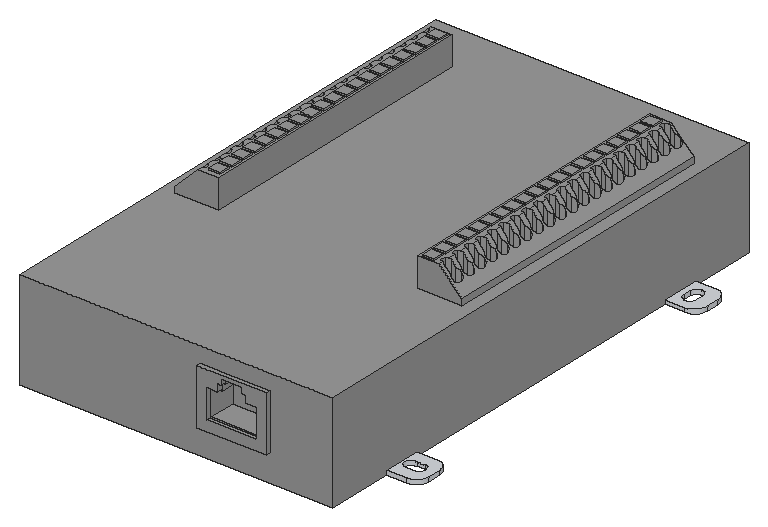
Revit family "IO Controler MS660404M", category Datengeräte, Revit 2023
Family settings
  Bemaßung runder Anschluss = Durchmesser verwenden
  Teiletyp = Normal
  OmniClass-Nummer = 23.85.50.17
  OmniClass-Titel = Communication and Data Processing Equipment
  Arbeitsebenenbasiert = Nein
  Immer vertikal = Ja
  Beim Laden mit Abzugskörper schneiden = Nein
  Beschriftungsausrichtung beibehalten = Nein
  Gemeinsam genutzt = Nein
  Raumberechnungspunkt = Nein
Parameters (values of type "I/O Controler MS660404M")
  Vorgabe-Ansicht = 0 mm
  Material 2 = Kunststoff
  Material = Metallverkleidung
  Anschluss 3 = "2x 24VDC Ausgang"
  Hersteller = "MICROSENS"
  Beschreibung = "Smart I/O Controller Digital / Analog"
  Anschluss 4 = "1x 24VDC Eingang"
  Artikelnummer = "MS660404M"
  Anschluss 5 = "1x 10/100TX RJ-45 PoE+ PD"
  Anschluss 2 = "4x I/O Output"
  Anschluss 1 = "10x I/O Input"
Reference planes
  plane 1 "Mitte (Vorne/Hinten)": y = 0
  plane 2: z = 0
  plane 3 "Mitte (Links/Rechts)": x = 0
Forms (mm)
  Extrusion 1, solid, material "Kunststoff" <- "Material 2"
    sketch origin (3.16, 4.554, 0) x (1, 0, 0) y (0, 1, 0)
      loop
        line (-41.16, 58.646) -> (-41.16, -67.754) -> (34.875, -67.754) -> (34.875, 58.646) -> (-41.16, 58.646)
    from 0 to 23.973
  Extrusion 2, solid
    sketch origin (0, -0.01, 0) x (1, 0, 0) y (0, 1, 0)
      loop
        line (-38.035, 46.952) -> (-43.035, 46.952)
        arc (-43.035, 46.952) -> (-45.157, 46.073) -> (-46.035, 43.952) r 3
        line (-46.035, 43.952) -> (-46.035, 40.752)
        arc (-46.035, 40.752) -> (-45.157, 38.631) -> (-43.035, 37.752) r 3
        line (-43.035, 37.752) -> (-38.035, 37.752) -> (-38.035, 46.952)
      loop
        arc (-42.435, 43.952) -> (-44.035, 42.352) -> (-42.435, 40.752) r 1.6
        line (-42.435, 40.752) -> (-40.435, 40.752)
        arc (-40.435, 40.752) -> (-38.835, 42.352) -> (-40.435, 43.952) r 1.6
        line (-40.435, 43.952) -> (-42.435, 43.952)
    from 0 to 1
  Extrusion 3, solid
    sketch origin (0, -0.01, 0) x (-1, 0, 0) y (0, -1, 0)
      loop
        line (-38.035, -46.952) -> (-38.035, -37.752) -> (-43.035, -37.752)
        arc (-43.035, -37.752) -> (-45.157, -38.631) -> (-46.035, -40.752) r 3
        line (-46.035, -40.752) -> (-46.035, -43.952)
        arc (-46.035, -43.952) -> (-45.157, -46.073) -> (-43.035, -46.952) r 3
        line (-43.035, -46.952) -> (-38.035, -46.952)
      loop
        arc (-42.965, -43.363) -> (-41.365, -44.963) -> (-39.765, -43.363) r 1.6
        line (-39.765, -43.363) -> (-39.765, -41.363)
        arc (-39.765, -41.363) -> (-41.365, -39.763) -> (-42.965, -41.363) r 1.6
        line (-42.965, -41.363) -> (-42.965, -43.363)
    from 0 to 1
  Extrusion 4, solid
    sketch origin (0, 0.01, 0) x (-1, 0, 0) y (0, -1, 0)
      loop
        line (-38.035, 46.952) -> (-43.035, 46.952)
        arc (-43.035, 46.952) -> (-45.157, 46.073) -> (-46.035, 43.952) r 3
        line (-46.035, 43.952) -> (-46.035, 40.752)
        arc (-46.035, 40.752) -> (-45.157, 38.631) -> (-43.035, 37.752) r 3
        line (-43.035, 37.752) -> (-38.035, 37.752) -> (-38.035, 46.952)
      loop
        arc (-42.435, 43.952) -> (-44.035, 42.352) -> (-42.435, 40.752) r 1.6
        line (-42.435, 40.752) -> (-40.435, 40.752)
        arc (-40.435, 40.752) -> (-38.835, 42.352) -> (-40.435, 43.952) r 1.6
        line (-40.435, 43.952) -> (-42.435, 43.952)
    from 0 to 1
  Extrusion 5, solid, material "Metallverkleidung" <- "Material"
    sketch origin (0, 0.01, 0) x (1, 0, 0) y (0, 1, 0)
      loop
        line (-38, -46.952) -> (-38, -37.752) -> (-43.035, -37.752)
        arc (-43.035, -37.752) -> (-45.157, -38.631) -> (-46.035, -40.752) r 3
        line (-46.035, -40.752) -> (-46.035, -43.952)
        arc (-46.035, -43.952) -> (-45.157, -46.073) -> (-43.035, -46.952) r 3
        line (-43.035, -46.952) -> (-38, -46.952)
      loop
        arc (-39.835, -41.408) -> (-41.435, -39.808) -> (-43.035, -41.408) r 1.6
        line (-43.035, -41.408) -> (-43.035, -43.408)
        arc (-43.035, -43.408) -> (-41.435, -45.008) -> (-39.835, -43.408) r 1.6
        line (-39.835, -43.408) -> (-39.835, -41.408)
    from 0 to 1
  Extrusion 6, solid, material "Kunststoff" <- "Material 2"
    sketch origin (-1.331, 0, -2.5) x (1, 0, 0) y (0, 0, 1)
      loop
        line (36.207, 26.473) -> (36.207, 27.874) -> (30.627, 33.454) -> (25.541, 33.454) -> (25.541, 26.473) -> (36.207, 26.473)
    from -50.477 to 20.023
  Extrusion 7, solid, material "Kunststoff" <- "Material 2"
    sketch origin (0, 0, 0) x (1, 0, 0) y (0, 1, 0)
      loop
        line (24.915, -19.523) -> (27.715, -19.523) -> (27.715, -16.823) -> (24.915, -16.823) -> (24.915, -19.523)
    from 30.954 to 31.282
  Extrusion 8, solid, material "Kunststoff" <- "Material 2"
    sketch origin (0, 3.5, 0) x (1, 0, 0) y (0, 1, 0)
      loop
        line (24.915, -19.523) -> (27.715, -19.523) -> (27.715, -16.823) -> (24.915, -16.823) -> (24.915, -19.523)
    from 30.954 to 31.282
  Extrusion 9, solid, material "Kunststoff" <- "Material 2"
    sketch origin (0, 7, 0) x (1, 0, 0) y (0, 1, 0)
      loop
        line (24.915, -19.523) -> (27.715, -19.523) -> (27.715, -16.823) -> (24.915, -16.823) -> (24.915, -19.523)
    from 30.954 to 31.282
  Extrusion 10, solid, material "Kunststoff" <- "Material 2"
    sketch origin (0, 10.5, 0) x (1, 0, 0) y (0, 1, 0)
      loop
        line (24.915, -19.523) -> (27.715, -19.523) -> (27.715, -16.823) -> (24.915, -16.823) -> (24.915, -19.523)
    from 30.954 to 31.282
  Extrusion 11, solid, material "Kunststoff" <- "Material 2"
    sketch origin (0, 14, 0) x (1, 0, 0) y (0, 1, 0)
      loop
        line (24.915, -19.523) -> (27.715, -19.523) -> (27.715, -16.823) -> (24.915, -16.823) -> (24.915, -19.523)
    from 30.954 to 31.282
  Extrusion 12, solid, material "Kunststoff" <- "Material 2"
    sketch origin (0, 17.5, 0) x (1, 0, 0) y (0, 1, 0)
      loop
        line (24.915, -19.523) -> (27.715, -19.523) -> (27.715, -16.823) -> (24.915, -16.823) -> (24.915, -19.523)
    from 30.954 to 31.282
  Extrusion 13, solid, material "Kunststoff" <- "Material 2"
    sketch origin (0, 21, 0) x (1, 0, 0) y (0, 1, 0)
      loop
        line (24.915, -19.523) -> (27.715, -19.523) -> (27.715, -16.823) -> (24.915, -16.823) -> (24.915, -19.523)
    from 30.954 to 31.282
  Extrusion 14, solid, material "Kunststoff" <- "Material 2"
    sketch origin (0, 24.5, 0) x (1, 0, 0) y (0, 1, 0)
      loop
        line (24.915, -19.523) -> (27.715, -19.523) -> (27.715, -16.823) -> (24.915, -16.823) -> (24.915, -19.523)
    from 30.954 to 31.282
  Extrusion 15, solid, material "Kunststoff" <- "Material 2"
    sketch origin (0, 28, 0) x (1, 0, 0) y (0, 1, 0)
      loop
        line (24.915, -19.523) -> (27.715, -19.523) -> (27.715, -16.823) -> (24.915, -16.823) -> (24.915, -19.523)
    from 30.954 to 31.282
  Extrusion 16, solid, material "Kunststoff" <- "Material 2"
    sketch origin (0, 31.5, 0) x (1, 0, 0) y (0, 1, 0)
      loop
        line (24.915, -19.523) -> (27.715, -19.523) -> (27.715, -16.823) -> (24.915, -16.823) -> (24.915, -19.523)
    from 30.954 to 31.282
  Extrusion 17, solid, material "Kunststoff" <- "Material 2"
    sketch origin (0, 35, 0) x (1, 0, 0) y (0, 1, 0)
      loop
        line (24.915, -19.523) -> (27.715, -19.523) -> (27.715, -16.823) -> (24.915, -16.823) -> (24.915, -19.523)
    from 30.954 to 31.282
  Extrusion 18, solid, material "Kunststoff" <- "Material 2"
    sketch origin (0, 38.5, 0) x (1, 0, 0) y (0, 1, 0)
      loop
        line (24.915, -19.523) -> (27.715, -19.523) -> (27.715, -16.823) -> (24.915, -16.823) -> (24.915, -19.523)
    from 30.954 to 31.282
  Extrusion 19, solid, material "Kunststoff" <- "Material 2"
    sketch origin (0, 42, 0) x (1, 0, 0) y (0, 1, 0)
      loop
        line (24.915, -19.523) -> (27.715, -19.523) -> (27.715, -16.823) -> (24.915, -16.823) -> (24.915, -19.523)
    from 30.954 to 31.282
  Extrusion 20, solid, material "Kunststoff" <- "Material 2"
    sketch origin (0, 45.5, 0) x (1, 0, 0) y (0, 1, 0)
      loop
        line (24.915, -19.523) -> (27.715, -19.523) -> (27.715, -16.823) -> (24.915, -16.823) -> (24.915, -19.523)
    from 30.954 to 31.282
  Extrusion 21, solid, material "Kunststoff" <- "Material 2"
    sketch origin (0, 49, 0) x (1, 0, 0) y (0, 1, 0)
      loop
        line (24.915, -19.523) -> (27.715, -19.523) -> (27.715, -16.823) -> (24.915, -16.823) -> (24.915, -19.523)
    from 30.954 to 31.282
  Extrusion 22, solid, material "Kunststoff" <- "Material 2"
    sketch origin (0, 52.5, 0) x (1, 0, 0) y (0, 1, 0)
      loop
        line (24.915, -19.523) -> (27.715, -19.523) -> (27.715, -16.823) -> (24.915, -16.823) -> (24.915, -19.523)
    from 30.954 to 31.282
  Extrusion 23, solid, material "Kunststoff" <- "Material 2"
    sketch origin (0, 56, 0) x (1, 0, 0) y (0, 1, 0)
      loop
        line (24.915, -19.523) -> (27.715, -19.523) -> (27.715, -16.823) -> (24.915, -16.823) -> (24.915, -19.523)
    from 30.954 to 31.282
  Extrusion 24, solid, material "Kunststoff" <- "Material 2"
    sketch origin (0, 59.5, 0) x (1, 0, 0) y (0, 1, 0)
      loop
        line (24.915, -19.523) -> (27.715, -19.523) -> (27.715, -16.823) -> (24.915, -16.823) -> (24.915, -19.523)
    from 30.954 to 31.282
  Extrusion 25, solid, material "Kunststoff" <- "Material 2"
    sketch origin (0, 63, 0) x (1, 0, 0) y (0, 1, 0)
      loop
        line (24.915, -19.523) -> (27.715, -19.523) -> (27.715, -16.823) -> (24.915, -16.823) -> (24.915, -19.523)
    from 30.954 to 31.282
  Extrusion 26, solid, material "Kunststoff" <- "Material 2"
    sketch origin (0, 66.5, 0) x (1, 0, 0) y (0, 1, 0)
      loop
        line (24.915, -19.523) -> (27.715, -19.523) -> (27.715, -16.823) -> (24.915, -16.823) -> (24.915, -19.523)
    from 30.954 to 31.282
  Extrusion 27, void
    sketch origin (8.123, 3.438, 0) x (1, 0, 0) y (0, 1, 0)
      loop
        arc (20.475, -17.212) -> (20.392, -17.759) -> (20.463, -18.308) r 1.991
        line (20.463, -18.308) -> (21.388, -18.842) -> (22.682, -18.842) -> (23.589, -19.366) -> (24.372, -19.001) -> (24.787, -18.121)
        arc (24.787, -18.121) -> (24.798, -17.59) -> (24.714, -17.066) r 3
        line (24.714, -17.066) -> (24.308, -16.315) -> (23.48, -16.014) -> (22.7, -16.561) -> (21.406, -16.561) -> (20.475, -17.212)
    from 23.973 to 33.421
  Extrusion 28, void
    sketch origin (8.123, 6.938, 0) x (1, 0, 0) y (0, 1, 0)
      loop
        arc (20.475, -17.212) -> (20.392, -17.759) -> (20.463, -18.308) r 1.991
        line (20.463, -18.308) -> (21.388, -18.842) -> (22.682, -18.842) -> (23.589, -19.366) -> (24.372, -19.001) -> (24.787, -18.121)
        arc (24.787, -18.121) -> (24.798, -17.59) -> (24.714, -17.066) r 3
        line (24.714, -17.066) -> (24.308, -16.315) -> (23.48, -16.014) -> (22.7, -16.561) -> (21.406, -16.561) -> (20.475, -17.212)
    from 23.973 to 33.421
  Extrusion 29, void
    sketch origin (8.123, 10.438, 0) x (1, 0, 0) y (0, 1, 0)
      loop
        arc (20.475, -17.212) -> (20.392, -17.759) -> (20.463, -18.308) r 1.991
        line (20.463, -18.308) -> (21.388, -18.842) -> (22.682, -18.842) -> (23.589, -19.366) -> (24.372, -19.001) -> (24.787, -18.121)
        arc (24.787, -18.121) -> (24.798, -17.59) -> (24.714, -17.066) r 3
        line (24.714, -17.066) -> (24.308, -16.315) -> (23.48, -16.014) -> (22.7, -16.561) -> (21.406, -16.561) -> (20.475, -17.212)
    from 23.973 to 33.421
  Extrusion 30, void
    sketch origin (8.123, 13.938, 0) x (1, 0, 0) y (0, 1, 0)
      loop
        arc (20.475, -17.212) -> (20.392, -17.759) -> (20.463, -18.308) r 1.991
        line (20.463, -18.308) -> (21.388, -18.842) -> (22.682, -18.842) -> (23.589, -19.366) -> (24.372, -19.001) -> (24.787, -18.121)
        arc (24.787, -18.121) -> (24.798, -17.59) -> (24.714, -17.066) r 3
        line (24.714, -17.066) -> (24.308, -16.315) -> (23.48, -16.014) -> (22.7, -16.561) -> (21.406, -16.561) -> (20.475, -17.212)
    from 23.973 to 33.421
  Extrusion 31, void
    sketch origin (8.123, 17.438, 0) x (1, 0, 0) y (0, 1, 0)
      loop
        arc (20.475, -17.212) -> (20.392, -17.759) -> (20.463, -18.308) r 1.991
        line (20.463, -18.308) -> (21.388, -18.842) -> (22.682, -18.842) -> (23.589, -19.366) -> (24.372, -19.001) -> (24.787, -18.121)
        arc (24.787, -18.121) -> (24.798, -17.59) -> (24.714, -17.066) r 3
        line (24.714, -17.066) -> (24.308, -16.315) -> (23.48, -16.014) -> (22.7, -16.561) -> (21.406, -16.561) -> (20.475, -17.212)
    from 23.973 to 33.421
  Extrusion 32, void
    sketch origin (8.123, 20.938, 0) x (1, 0, 0) y (0, 1, 0)
      loop
        arc (20.475, -17.212) -> (20.392, -17.759) -> (20.463, -18.308) r 1.991
        line (20.463, -18.308) -> (21.388, -18.842) -> (22.682, -18.842) -> (23.589, -19.366) -> (24.372, -19.001) -> (24.787, -18.121)
        arc (24.787, -18.121) -> (24.798, -17.59) -> (24.714, -17.066) r 3
        line (24.714, -17.066) -> (24.308, -16.315) -> (23.48, -16.014) -> (22.7, -16.561) -> (21.406, -16.561) -> (20.475, -17.212)
    from 23.973 to 33.421
  Extrusion 33, void
    sketch origin (8.123, 24.438, 0) x (1, 0, 0) y (0, 1, 0)
      loop
        arc (20.475, -17.212) -> (20.392, -17.759) -> (20.463, -18.308) r 1.991
        line (20.463, -18.308) -> (21.388, -18.842) -> (22.682, -18.842) -> (23.589, -19.366) -> (24.372, -19.001) -> (24.787, -18.121)
        arc (24.787, -18.121) -> (24.798, -17.59) -> (24.714, -17.066) r 3
        line (24.714, -17.066) -> (24.308, -16.315) -> (23.48, -16.014) -> (22.7, -16.561) -> (21.406, -16.561) -> (20.475, -17.212)
    from 23.973 to 33.421
  Extrusion 34, void
    sketch origin (8.123, 27.938, 0) x (1, 0, 0) y (0, 1, 0)
      loop
        arc (20.475, -17.212) -> (20.392, -17.759) -> (20.463, -18.308) r 1.991
        line (20.463, -18.308) -> (21.388, -18.842) -> (22.682, -18.842) -> (23.589, -19.366) -> (24.372, -19.001) -> (24.787, -18.121)
        arc (24.787, -18.121) -> (24.798, -17.59) -> (24.714, -17.066) r 3
        line (24.714, -17.066) -> (24.308, -16.315) -> (23.48, -16.014) -> (22.7, -16.561) -> (21.406, -16.561) -> (20.475, -17.212)
    from 23.973 to 33.421
  Extrusion 35, void
    sketch origin (8.123, 31.438, 0) x (1, 0, 0) y (0, 1, 0)
      loop
        arc (20.475, -17.212) -> (20.392, -17.759) -> (20.463, -18.308) r 1.991
        line (20.463, -18.308) -> (21.388, -18.842) -> (22.682, -18.842) -> (23.589, -19.366) -> (24.372, -19.001) -> (24.787, -18.121)
        arc (24.787, -18.121) -> (24.798, -17.59) -> (24.714, -17.066) r 3
        line (24.714, -17.066) -> (24.308, -16.315) -> (23.48, -16.014) -> (22.7, -16.561) -> (21.406, -16.561) -> (20.475, -17.212)
    from 23.973 to 33.421
  Extrusion 36, void
    sketch origin (8.123, 34.938, 0) x (1, 0, 0) y (0, 1, 0)
      loop
        arc (20.475, -17.212) -> (20.392, -17.759) -> (20.463, -18.308) r 1.991
        line (20.463, -18.308) -> (21.388, -18.842) -> (22.682, -18.842) -> (23.589, -19.366) -> (24.372, -19.001) -> (24.787, -18.121)
        arc (24.787, -18.121) -> (24.798, -17.59) -> (24.714, -17.066) r 3
        line (24.714, -17.066) -> (24.308, -16.315) -> (23.48, -16.014) -> (22.7, -16.561) -> (21.406, -16.561) -> (20.475, -17.212)
    from 23.973 to 33.421
  Extrusion 37, void
    sketch origin (8.123, 38.438, 0) x (1, 0, 0) y (0, 1, 0)
      loop
        arc (20.475, -17.212) -> (20.392, -17.759) -> (20.463, -18.308) r 1.991
        line (20.463, -18.308) -> (21.388, -18.842) -> (22.682, -18.842) -> (23.589, -19.366) -> (24.372, -19.001) -> (24.787, -18.121)
        arc (24.787, -18.121) -> (24.798, -17.59) -> (24.714, -17.066) r 3
        line (24.714, -17.066) -> (24.308, -16.315) -> (23.48, -16.014) -> (22.7, -16.561) -> (21.406, -16.561) -> (20.475, -17.212)
    from 23.973 to 33.421
  Extrusion 38, void
    sketch origin (8.123, 41.938, 0) x (1, 0, 0) y (0, 1, 0)
      loop
        arc (20.475, -17.212) -> (20.392, -17.759) -> (20.463, -18.308) r 1.991
        line (20.463, -18.308) -> (21.388, -18.842) -> (22.682, -18.842) -> (23.589, -19.366) -> (24.372, -19.001) -> (24.787, -18.121)
        arc (24.787, -18.121) -> (24.798, -17.59) -> (24.714, -17.066) r 3
        line (24.714, -17.066) -> (24.308, -16.315) -> (23.48, -16.014) -> (22.7, -16.561) -> (21.406, -16.561) -> (20.475, -17.212)
    from 23.973 to 33.421
  Extrusion 39, void
    sketch origin (8.123, 45.438, 0) x (1, 0, 0) y (0, 1, 0)
      loop
        arc (20.475, -17.212) -> (20.392, -17.759) -> (20.463, -18.308) r 1.991
        line (20.463, -18.308) -> (21.388, -18.842) -> (22.682, -18.842) -> (23.589, -19.366) -> (24.372, -19.001) -> (24.787, -18.121)
        arc (24.787, -18.121) -> (24.798, -17.59) -> (24.714, -17.066) r 3
        line (24.714, -17.066) -> (24.308, -16.315) -> (23.48, -16.014) -> (22.7, -16.561) -> (21.406, -16.561) -> (20.475, -17.212)
    from 23.973 to 33.421
  Extrusion 40, void
    sketch origin (8.123, 48.938, 0) x (1, 0, 0) y (0, 1, 0)
      loop
        arc (20.475, -17.212) -> (20.392, -17.759) -> (20.463, -18.308) r 1.991
        line (20.463, -18.308) -> (21.388, -18.842) -> (22.682, -18.842) -> (23.589, -19.366) -> (24.372, -19.001) -> (24.787, -18.121)
        arc (24.787, -18.121) -> (24.798, -17.59) -> (24.714, -17.066) r 3
        line (24.714, -17.066) -> (24.308, -16.315) -> (23.48, -16.014) -> (22.7, -16.561) -> (21.406, -16.561) -> (20.475, -17.212)
    from 23.973 to 33.421
  Extrusion 41, void
    sketch origin (8.123, 52.438, 0) x (1, 0, 0) y (0, 1, 0)
      loop
        arc (20.475, -17.212) -> (20.392, -17.759) -> (20.463, -18.308) r 1.991
        line (20.463, -18.308) -> (21.388, -18.842) -> (22.682, -18.842) -> (23.589, -19.366) -> (24.372, -19.001) -> (24.787, -18.121)
        arc (24.787, -18.121) -> (24.798, -17.59) -> (24.714, -17.066) r 3
        line (24.714, -17.066) -> (24.308, -16.315) -> (23.48, -16.014) -> (22.7, -16.561) -> (21.406, -16.561) -> (20.475, -17.212)
    from 23.973 to 33.421
  Extrusion 42, void
    sketch origin (8.123, 55.938, 0) x (1, 0, 0) y (0, 1, 0)
      loop
        arc (20.475, -17.212) -> (20.392, -17.759) -> (20.463, -18.308) r 1.991
        line (20.463, -18.308) -> (21.388, -18.842) -> (22.682, -18.842) -> (23.589, -19.366) -> (24.372, -19.001) -> (24.787, -18.121)
        arc (24.787, -18.121) -> (24.798, -17.59) -> (24.714, -17.066) r 3
        line (24.714, -17.066) -> (24.308, -16.315) -> (23.48, -16.014) -> (22.7, -16.561) -> (21.406, -16.561) -> (20.475, -17.212)
    from 23.973 to 33.421
  Extrusion 43, void
    sketch origin (8.123, 59.438, 0) x (1, 0, 0) y (0, 1, 0)
      loop
        arc (20.475, -17.212) -> (20.392, -17.759) -> (20.463, -18.308) r 1.991
        line (20.463, -18.308) -> (21.388, -18.842) -> (22.682, -18.842) -> (23.589, -19.366) -> (24.372, -19.001) -> (24.787, -18.121)
        arc (24.787, -18.121) -> (24.798, -17.59) -> (24.714, -17.066) r 3
        line (24.714, -17.066) -> (24.308, -16.315) -> (23.48, -16.014) -> (22.7, -16.561) -> (21.406, -16.561) -> (20.475, -17.212)
    from 23.973 to 33.421
  Extrusion 44, void
    sketch origin (8.123, 62.938, 0) x (1, 0, 0) y (0, 1, 0)
      loop
        arc (20.475, -17.212) -> (20.392, -17.759) -> (20.463, -18.308) r 1.991
        line (20.463, -18.308) -> (21.388, -18.842) -> (22.682, -18.842) -> (23.589, -19.366) -> (24.372, -19.001) -> (24.787, -18.121)
        arc (24.787, -18.121) -> (24.798, -17.59) -> (24.714, -17.066) r 3
        line (24.714, -17.066) -> (24.308, -16.315) -> (23.48, -16.014) -> (22.7, -16.561) -> (21.406, -16.561) -> (20.475, -17.212)
    from 23.973 to 33.421
  Extrusion 45, void
    sketch origin (8.12, 66.501, 0) x (1, 0, 0) y (0, 1, 0)
      loop
        arc (20.475, -17.212) -> (20.392, -17.759) -> (20.463, -18.308) r 1.991
        line (20.463, -18.308) -> (21.388, -18.842) -> (22.682, -18.842) -> (23.589, -19.366) -> (24.372, -19.001) -> (24.787, -18.121)
        arc (24.787, -18.121) -> (24.798, -17.59) -> (24.714, -17.066) r 3
        line (24.714, -17.066) -> (24.308, -16.315) -> (23.48, -16.014) -> (22.7, -16.561) -> (21.406, -16.561) -> (20.475, -17.212)
    from 23.973 to 33.421
  Extrusion 46, void
    sketch origin (8.125, -0.119, 0) x (1, 0, 0) y (0, 1, 0)
      loop
        arc (20.475, -17.212) -> (20.392, -17.759) -> (20.463, -18.308) r 1.991
        line (20.463, -18.308) -> (21.388, -18.842) -> (22.682, -18.842) -> (23.589, -19.366) -> (24.372, -19.001) -> (24.787, -18.121)
        arc (24.787, -18.121) -> (24.798, -17.59) -> (24.714, -17.066) r 3
        line (24.714, -17.066) -> (24.308, -16.315) -> (23.48, -16.014) -> (22.7, -16.561) -> (21.406, -16.561) -> (20.475, -17.212)
    from 23.973 to 33.421
  Extrusion 47, solid, material "Kunststoff" <- "Material 2"
    sketch origin (1.26, 30.954, -2.5) x (-1, 0, 0) y (0, 0, 1)
      loop
        line (36.207, 26.473) -> (36.207, 27.874) -> (30.627, 33.454) -> (25.541, 33.454) -> (25.541, 26.473) -> (36.207, 26.473)
    from -50.977 to 20.023
  Extrusion 48, solid, material "Kunststoff" <- "Material 2"
    sketch origin (-0.071, 30.954, 0) x (-1, 0, 0) y (0, -1, 0)
      loop
        line (24.915, -19.523) -> (27.715, -19.523) -> (27.715, -16.823) -> (24.915, -16.823) -> (24.915, -19.523)
    from 30.954 to 31.282
  Extrusion 49, solid, material "Kunststoff" <- "Material 2"
    sketch origin (-0.071, 27.454, 0) x (-1, 0, 0) y (0, -1, 0)
      loop
        line (24.915, -19.523) -> (27.715, -19.523) -> (27.715, -16.823) -> (24.915, -16.823) -> (24.915, -19.523)
    from 30.954 to 31.282
  Extrusion 50, solid, material "Kunststoff" <- "Material 2"
    sketch origin (-0.071, 23.954, 0) x (-1, 0, 0) y (0, -1, 0)
      loop
        line (24.915, -19.523) -> (27.715, -19.523) -> (27.715, -16.823) -> (24.915, -16.823) -> (24.915, -19.523)
    from 30.954 to 31.282
  Extrusion 51, solid, material "Kunststoff" <- "Material 2"
    sketch origin (-0.071, 20.454, 0) x (-1, 0, 0) y (0, -1, 0)
      loop
        line (24.915, -19.523) -> (27.715, -19.523) -> (27.715, -16.823) -> (24.915, -16.823) -> (24.915, -19.523)
    from 30.954 to 31.282
  Extrusion 52, solid, material "Kunststoff" <- "Material 2"
    sketch origin (-0.071, 16.954, 0) x (-1, 0, 0) y (0, -1, 0)
      loop
        line (24.915, -19.523) -> (27.715, -19.523) -> (27.715, -16.823) -> (24.915, -16.823) -> (24.915, -19.523)
    from 30.954 to 31.282
  Extrusion 53, solid, material "Kunststoff" <- "Material 2"
    sketch origin (-0.071, 13.454, 0) x (-1, 0, 0) y (0, -1, 0)
      loop
        line (24.915, -19.523) -> (27.715, -19.523) -> (27.715, -16.823) -> (24.915, -16.823) -> (24.915, -19.523)
    from 30.954 to 31.282
  Extrusion 54, solid, material "Kunststoff" <- "Material 2"
    sketch origin (-0.071, 9.954, 0) x (-1, 0, 0) y (0, -1, 0)
      loop
        line (24.915, -19.523) -> (27.715, -19.523) -> (27.715, -16.823) -> (24.915, -16.823) -> (24.915, -19.523)
    from 30.954 to 31.282
  Extrusion 55, solid, material "Kunststoff" <- "Material 2"
    sketch origin (-0.071, 6.454, 0) x (-1, 0, 0) y (0, -1, 0)
      loop
        line (24.915, -19.523) -> (27.715, -19.523) -> (27.715, -16.823) -> (24.915, -16.823) -> (24.915, -19.523)
    from 30.954 to 31.282
  Extrusion 56, solid, material "Kunststoff" <- "Material 2"
    sketch origin (-0.071, 2.954, 0) x (-1, 0, 0) y (0, -1, 0)
      loop
        line (24.915, -19.523) -> (27.715, -19.523) -> (27.715, -16.823) -> (24.915, -16.823) -> (24.915, -19.523)
    from 30.954 to 31.282
  Extrusion 57, solid, material "Kunststoff" <- "Material 2"
    sketch origin (-0.071, -0.546, 0) x (-1, 0, 0) y (0, -1, 0)
      loop
        line (24.915, -19.523) -> (27.715, -19.523) -> (27.715, -16.823) -> (24.915, -16.823) -> (24.915, -19.523)
    from 30.954 to 31.282
  Extrusion 58, solid, material "Kunststoff" <- "Material 2"
    sketch origin (-0.071, -4.046, 0) x (-1, 0, 0) y (0, -1, 0)
      loop
        line (24.915, -19.523) -> (27.715, -19.523) -> (27.715, -16.823) -> (24.915, -16.823) -> (24.915, -19.523)
    from 30.954 to 31.282
  Extrusion 59, solid, material "Kunststoff" <- "Material 2"
    sketch origin (-0.071, -7.546, 0) x (-1, 0, 0) y (0, -1, 0)
      loop
        line (24.915, -19.523) -> (27.715, -19.523) -> (27.715, -16.823) -> (24.915, -16.823) -> (24.915, -19.523)
    from 30.954 to 31.282
  Extrusion 60, solid, material "Kunststoff" <- "Material 2"
    sketch origin (-0.071, -11.046, 0) x (-1, 0, 0) y (0, -1, 0)
      loop
        line (24.915, -19.523) -> (27.715, -19.523) -> (27.715, -16.823) -> (24.915, -16.823) -> (24.915, -19.523)
    from 30.954 to 31.282
  Extrusion 61, solid, material "Kunststoff" <- "Material 2"
    sketch origin (-0.071, -14.546, 0) x (-1, 0, 0) y (0, -1, 0)
      loop
        line (24.915, -19.523) -> (27.715, -19.523) -> (27.715, -16.823) -> (24.915, -16.823) -> (24.915, -19.523)
    from 30.954 to 31.282
  Extrusion 62, solid, material "Kunststoff" <- "Material 2"
    sketch origin (-0.071, -18.046, 0) x (-1, 0, 0) y (0, -1, 0)
      loop
        line (24.915, -19.523) -> (27.715, -19.523) -> (27.715, -16.823) -> (24.915, -16.823) -> (24.915, -19.523)
    from 30.954 to 31.282
  Extrusion 63, solid, material "Kunststoff" <- "Material 2"
    sketch origin (-0.071, -21.546, 0) x (-1, 0, 0) y (0, -1, 0)
      loop
        line (24.915, -19.523) -> (27.715, -19.523) -> (27.715, -16.823) -> (24.915, -16.823) -> (24.915, -19.523)
    from 30.954 to 31.282
  Extrusion 64, solid, material "Kunststoff" <- "Material 2"
    sketch origin (-0.071, -25.046, 0) x (-1, 0, 0) y (0, -1, 0)
      loop
        line (24.915, -19.523) -> (27.715, -19.523) -> (27.715, -16.823) -> (24.915, -16.823) -> (24.915, -19.523)
    from 30.954 to 31.282
  Extrusion 65, solid, material "Kunststoff" <- "Material 2"
    sketch origin (-0.071, -28.546, 0) x (-1, 0, 0) y (0, -1, 0)
      loop
        line (24.915, -19.523) -> (27.715, -19.523) -> (27.715, -16.823) -> (24.915, -16.823) -> (24.915, -19.523)
    from 30.954 to 31.282
  Extrusion 66, solid, material "Kunststoff" <- "Material 2"
    sketch origin (-0.071, -32.046, 0) x (-1, 0, 0) y (0, -1, 0)
      loop
        line (24.915, -19.523) -> (27.715, -19.523) -> (27.715, -16.823) -> (24.915, -16.823) -> (24.915, -19.523)
    from 30.954 to 31.282
  Extrusion 67, solid, material "Kunststoff" <- "Material 2"
    sketch origin (-0.071, -35.546, 0) x (-1, 0, 0) y (0, -1, 0)
      loop
        line (24.915, -19.523) -> (27.715, -19.523) -> (27.715, -16.823) -> (24.915, -16.823) -> (24.915, -19.523)
    from 30.954 to 31.282
  Extrusion 68, void
    sketch origin (-8.194, 27.868, 0) x (-1, 0, 0) y (0, -1, 0)
      loop
        arc (20.475, -17.212) -> (20.392, -17.759) -> (20.463, -18.308) r 1.991
        line (20.463, -18.308) -> (21.388, -18.842) -> (22.682, -18.842) -> (23.589, -19.366) -> (24.372, -19.001) -> (24.787, -18.121)
        arc (24.787, -18.121) -> (24.798, -17.59) -> (24.714, -17.066) r 3
        line (24.714, -17.066) -> (24.308, -16.315) -> (23.48, -16.014) -> (22.7, -16.561) -> (21.406, -16.561) -> (20.475, -17.212)
    from 23.973 to 33.421
  Extrusion 69, void
    sketch origin (-8.194, 31.399, 0) x (-1, 0, 0) y (0, -1, 0)
      loop
        arc (20.475, -17.212) -> (20.392, -17.759) -> (20.463, -18.308) r 1.991
        line (20.463, -18.308) -> (21.388, -18.842) -> (22.682, -18.842) -> (23.589, -19.366) -> (24.372, -19.001) -> (24.787, -18.121)
        arc (24.787, -18.121) -> (24.798, -17.59) -> (24.714, -17.066) r 3
        line (24.714, -17.066) -> (24.308, -16.315) -> (23.48, -16.014) -> (22.7, -16.561) -> (21.406, -16.561) -> (20.475, -17.212)
    from 23.973 to 33.421
  Extrusion 70, void
    sketch origin (-8.194, 24.354, 0) x (-1, 0, 0) y (0, -1, 0)
      loop
        arc (20.475, -17.212) -> (20.392, -17.759) -> (20.463, -18.308) r 1.991
        line (20.463, -18.308) -> (21.388, -18.842) -> (22.682, -18.842) -> (23.589, -19.366) -> (24.372, -19.001) -> (24.787, -18.121)
        arc (24.787, -18.121) -> (24.798, -17.59) -> (24.714, -17.066) r 3
        line (24.714, -17.066) -> (24.308, -16.315) -> (23.48, -16.014) -> (22.7, -16.561) -> (21.406, -16.561) -> (20.475, -17.212)
    from 23.973 to 33.421
  Extrusion 71, void
    sketch origin (-8.198, 20.804, 0) x (-1, 0, 0) y (0, -1, 0)
      loop
        arc (20.475, -17.212) -> (20.392, -17.759) -> (20.463, -18.308) r 1.991
        line (20.463, -18.308) -> (21.388, -18.842) -> (22.682, -18.842) -> (23.589, -19.366) -> (24.372, -19.001) -> (24.787, -18.121)
        arc (24.787, -18.121) -> (24.798, -17.59) -> (24.714, -17.066) r 3
        line (24.714, -17.066) -> (24.308, -16.315) -> (23.48, -16.014) -> (22.7, -16.561) -> (21.406, -16.561) -> (20.475, -17.212)
    from 23.973 to 33.421
  Extrusion 72, void
    sketch origin (-8.198, 17.21, 0) x (-1, 0, 0) y (0, -1, 0)
      loop
        arc (20.475, -17.212) -> (20.392, -17.759) -> (20.463, -18.308) r 1.991
        line (20.463, -18.308) -> (21.388, -18.842) -> (22.682, -18.842) -> (23.589, -19.366) -> (24.372, -19.001) -> (24.787, -18.121)
        arc (24.787, -18.121) -> (24.798, -17.59) -> (24.714, -17.066) r 3
        line (24.714, -17.066) -> (24.308, -16.315) -> (23.48, -16.014) -> (22.7, -16.561) -> (21.406, -16.561) -> (20.475, -17.212)
    from 23.973 to 33.421
  Extrusion 73, void
    sketch origin (-8.198, 13.694, 0) x (-1, 0, 0) y (0, -1, 0)
      loop
        arc (20.475, -17.212) -> (20.392, -17.759) -> (20.463, -18.308) r 1.991
        line (20.463, -18.308) -> (21.388, -18.842) -> (22.682, -18.842) -> (23.589, -19.366) -> (24.372, -19.001) -> (24.787, -18.121)
        arc (24.787, -18.121) -> (24.798, -17.59) -> (24.714, -17.066) r 3
        line (24.714, -17.066) -> (24.308, -16.315) -> (23.48, -16.014) -> (22.7, -16.561) -> (21.406, -16.561) -> (20.475, -17.212)
    from 23.973 to 33.421
  Extrusion 74, void
    sketch origin (-8.198, 10.087, 0) x (-1, 0, 0) y (0, -1, 0)
      loop
        arc (20.475, -17.212) -> (20.392, -17.759) -> (20.463, -18.308) r 1.991
        line (20.463, -18.308) -> (21.388, -18.842) -> (22.682, -18.842) -> (23.589, -19.366) -> (24.372, -19.001) -> (24.787, -18.121)
        arc (24.787, -18.121) -> (24.798, -17.59) -> (24.714, -17.066) r 3
        line (24.714, -17.066) -> (24.308, -16.315) -> (23.48, -16.014) -> (22.7, -16.561) -> (21.406, -16.561) -> (20.475, -17.212)
    from 23.973 to 33.421
  Extrusion 75, void
    sketch origin (-8.194, 3.031, 0) x (-1, 0, 0) y (0, -1, 0)
      loop
        arc (20.475, -17.212) -> (20.392, -17.759) -> (20.463, -18.308) r 1.991
        line (20.463, -18.308) -> (21.388, -18.842) -> (22.682, -18.842) -> (23.589, -19.366) -> (24.372, -19.001) -> (24.787, -18.121)
        arc (24.787, -18.121) -> (24.798, -17.59) -> (24.714, -17.066) r 3
        line (24.714, -17.066) -> (24.308, -16.315) -> (23.48, -16.014) -> (22.7, -16.561) -> (21.406, -16.561) -> (20.475, -17.212)
    from 23.973 to 33.421
  Extrusion 76, void
    sketch origin (-8.194, 6.562, 0) x (-1, 0, 0) y (0, -1, 0)
      loop
        arc (20.475, -17.212) -> (20.392, -17.759) -> (20.463, -18.308) r 1.991
        line (20.463, -18.308) -> (21.388, -18.842) -> (22.682, -18.842) -> (23.589, -19.366) -> (24.372, -19.001) -> (24.787, -18.121)
        arc (24.787, -18.121) -> (24.798, -17.59) -> (24.714, -17.066) r 3
        line (24.714, -17.066) -> (24.308, -16.315) -> (23.48, -16.014) -> (22.7, -16.561) -> (21.406, -16.561) -> (20.475, -17.212)
    from 23.973 to 33.421
  Extrusion 77, void
    sketch origin (-8.194, -0.482, 0) x (-1, 0, 0) y (0, -1, 0)
      loop
        arc (20.475, -17.212) -> (20.392, -17.759) -> (20.463, -18.308) r 1.991
        line (20.463, -18.308) -> (21.388, -18.842) -> (22.682, -18.842) -> (23.589, -19.366) -> (24.372, -19.001) -> (24.787, -18.121)
        arc (24.787, -18.121) -> (24.798, -17.59) -> (24.714, -17.066) r 3
        line (24.714, -17.066) -> (24.308, -16.315) -> (23.48, -16.014) -> (22.7, -16.561) -> (21.406, -16.561) -> (20.475, -17.212)
    from 23.973 to 33.421
  Extrusion 78, void
    sketch origin (-8.198, -4.033, 0) x (-1, 0, 0) y (0, -1, 0)
      loop
        arc (20.475, -17.212) -> (20.392, -17.759) -> (20.463, -18.308) r 1.991
        line (20.463, -18.308) -> (21.388, -18.842) -> (22.682, -18.842) -> (23.589, -19.366) -> (24.372, -19.001) -> (24.787, -18.121)
        arc (24.787, -18.121) -> (24.798, -17.59) -> (24.714, -17.066) r 3
        line (24.714, -17.066) -> (24.308, -16.315) -> (23.48, -16.014) -> (22.7, -16.561) -> (21.406, -16.561) -> (20.475, -17.212)
    from 23.973 to 33.421
  Extrusion 79, void
    sketch origin (-8.198, -7.549, 0) x (-1, 0, 0) y (0, -1, 0)
      loop
        arc (20.475, -17.212) -> (20.392, -17.759) -> (20.463, -18.308) r 1.991
        line (20.463, -18.308) -> (21.388, -18.842) -> (22.682, -18.842) -> (23.589, -19.366) -> (24.372, -19.001) -> (24.787, -18.121)
        arc (24.787, -18.121) -> (24.798, -17.59) -> (24.714, -17.066) r 3
        line (24.714, -17.066) -> (24.308, -16.315) -> (23.48, -16.014) -> (22.7, -16.561) -> (21.406, -16.561) -> (20.475, -17.212)
    from 23.973 to 33.421
  Extrusion 80, void
    sketch origin (-8.198, -11.046, 0) x (-1, 0, 0) y (0, -1, 0)
      loop
        arc (20.475, -17.212) -> (20.392, -17.759) -> (20.463, -18.308) r 1.991
        line (20.463, -18.308) -> (21.388, -18.842) -> (22.682, -18.842) -> (23.589, -19.366) -> (24.372, -19.001) -> (24.787, -18.121)
        arc (24.787, -18.121) -> (24.798, -17.59) -> (24.714, -17.066) r 3
        line (24.714, -17.066) -> (24.308, -16.315) -> (23.48, -16.014) -> (22.7, -16.561) -> (21.406, -16.561) -> (20.475, -17.212)
    from 23.973 to 33.421
  Extrusion 81, void
    sketch origin (-8.198, -14.555, 0) x (-1, 0, 0) y (0, -1, 0)
      loop
        arc (20.475, -17.212) -> (20.392, -17.759) -> (20.463, -18.308) r 1.991
        line (20.463, -18.308) -> (21.388, -18.842) -> (22.682, -18.842) -> (23.589, -19.366) -> (24.372, -19.001) -> (24.787, -18.121)
        arc (24.787, -18.121) -> (24.798, -17.59) -> (24.714, -17.066) r 3
        line (24.714, -17.066) -> (24.308, -16.315) -> (23.48, -16.014) -> (22.7, -16.561) -> (21.406, -16.561) -> (20.475, -17.212)
    from 23.973 to 33.421
  Extrusion 82, void
    sketch origin (-8.198, -18.063, 0) x (-1, 0, 0) y (0, -1, 0)
      loop
        arc (20.475, -17.212) -> (20.392, -17.759) -> (20.463, -18.308) r 1.991
        line (20.463, -18.308) -> (21.388, -18.842) -> (22.682, -18.842) -> (23.589, -19.366) -> (24.372, -19.001) -> (24.787, -18.121)
        arc (24.787, -18.121) -> (24.798, -17.59) -> (24.714, -17.066) r 3
        line (24.714, -17.066) -> (24.308, -16.315) -> (23.48, -16.014) -> (22.7, -16.561) -> (21.406, -16.561) -> (20.475, -17.212)
    from 23.973 to 33.421
  Extrusion 83, void
    sketch origin (-8.198, -21.56, 0) x (-1, 0, 0) y (0, -1, 0)
      loop
        arc (20.475, -17.212) -> (20.392, -17.759) -> (20.463, -18.308) r 1.991
        line (20.463, -18.308) -> (21.388, -18.842) -> (22.682, -18.842) -> (23.589, -19.366) -> (24.372, -19.001) -> (24.787, -18.121)
        arc (24.787, -18.121) -> (24.798, -17.59) -> (24.714, -17.066) r 3
        line (24.714, -17.066) -> (24.308, -16.315) -> (23.48, -16.014) -> (22.7, -16.561) -> (21.406, -16.561) -> (20.475, -17.212)
    from 23.973 to 33.421
  Extrusion 84, void
    sketch origin (-8.198, -25.06, 0) x (-1, 0, 0) y (0, -1, 0)
      loop
        arc (20.475, -17.212) -> (20.392, -17.759) -> (20.463, -18.308) r 1.991
        line (20.463, -18.308) -> (21.388, -18.842) -> (22.682, -18.842) -> (23.589, -19.366) -> (24.372, -19.001) -> (24.787, -18.121)
        arc (24.787, -18.121) -> (24.798, -17.59) -> (24.714, -17.066) r 3
        line (24.714, -17.066) -> (24.308, -16.315) -> (23.48, -16.014) -> (22.7, -16.561) -> (21.406, -16.561) -> (20.475, -17.212)
    from 23.973 to 33.421
  Extrusion 85, void
    sketch origin (-8.153, -28.581, 0) x (-1, 0, 0) y (0, -1, 0)
      loop
        arc (20.475, -17.212) -> (20.392, -17.759) -> (20.463, -18.308) r 1.991
        line (20.463, -18.308) -> (21.388, -18.842) -> (22.682, -18.842) -> (23.589, -19.366) -> (24.372, -19.001) -> (24.787, -18.121)
        arc (24.787, -18.121) -> (24.798, -17.59) -> (24.714, -17.066) r 3
        line (24.714, -17.066) -> (24.308, -16.315) -> (23.48, -16.014) -> (22.7, -16.561) -> (21.406, -16.561) -> (20.475, -17.212)
    from 23.973 to 33.421
  Extrusion 86, void
    sketch origin (-8.153, -32.078, 0) x (-1, 0, 0) y (0, -1, 0)
      loop
        arc (20.475, -17.212) -> (20.392, -17.759) -> (20.463, -18.308) r 1.991
        line (20.463, -18.308) -> (21.388, -18.842) -> (22.682, -18.842) -> (23.589, -19.366) -> (24.372, -19.001) -> (24.787, -18.121)
        arc (24.787, -18.121) -> (24.798, -17.59) -> (24.714, -17.066) r 3
        line (24.714, -17.066) -> (24.308, -16.315) -> (23.48, -16.014) -> (22.7, -16.561) -> (21.406, -16.561) -> (20.475, -17.212)
    from 23.973 to 33.421
  Extrusion 87, void
    sketch origin (-8.153, -35.578, 0) x (-1, 0, 0) y (0, -1, 0)
      loop
        arc (20.475, -17.212) -> (20.392, -17.759) -> (20.463, -18.308) r 1.991
        line (20.463, -18.308) -> (21.388, -18.842) -> (22.682, -18.842) -> (23.589, -19.366) -> (24.372, -19.001) -> (24.787, -18.121)
        arc (24.787, -18.121) -> (24.798, -17.59) -> (24.714, -17.066) r 3
        line (24.714, -17.066) -> (24.308, -16.315) -> (23.48, -16.014) -> (22.7, -16.561) -> (21.406, -16.561) -> (20.475, -17.212)
    from 23.973 to 33.421
  Extrusion 88, solid, material "Kunststoff" <- "Material 2"
    sketch origin (0, 0, 0) x (1, 0, 0) y (0, 0, 1)
      loop
        line (5.836, 20.106) -> (5.836, 6.606) -> (22.836, 6.606) -> (22.836, 20.106) -> (5.836, 20.106)
      loop
        line (11.886, 19.256) -> (11.886, 17.966) -> (10.986, 17.966) -> (10.986, 16.236) -> (8.181, 16.236) -> (8.181, 9.006) -> (20.491, 9.006) -> (20.491, 16.236) -> (17.686, 16.236) -> (17.686, 17.966) -> (16.786, 17.966) -> (16.786, 19.256) -> (11.886, 19.256)
    from 53.463 to 64.334
  Extrusion 89, void
    sketch origin (0, 0, 0) x (1, 0, 0) y (0, 0, 1)
      loop
        line (12.086, 18.856) -> (12.086, 17.764) -> (11.186, 17.764) -> (11.186, 16.036) -> (8.381, 16.036) -> (8.381, 9.221) -> (20.259, 9.221) -> (20.259, 16.036) -> (17.486, 16.036) -> (17.486, 17.764) -> (16.586, 17.764) -> (16.586, 18.856) -> (12.086, 18.856)
    from 56.493 to 65.98
Cuts and joins
  Extrusion 27, Extrusion 28, Extrusion 29, Extrusion 30, Extrusion 31, Extrusion 32, Extrusion 33, Extrusion 34, Extrusion 35, Extrusion 36, Extrusion 37, Extrusion 38, Extrusion 39, Extrusion 40, Extrusion 41, Extrusion 42, Extrusion 43, Extrusion 44, Extrusion 45, Extrusion 46, Extrusion 68, Extrusion 69, Extrusion 70, Extrusion 71, Extrusion 72, Extrusion 73, Extrusion 74, Extrusion 75, Extrusion 76, Extrusion 77, Extrusion 78, Extrusion 79, Extrusion 80, Extrusion 81, Extrusion 82, Extrusion 83, Extrusion 84, Extrusion 85, Extrusion 86, Extrusion 87, Extrusion 89 cuts Extrusion 1
  Extrusion 27, Extrusion 28, Extrusion 29, Extrusion 30, Extrusion 31, Extrusion 32, Extrusion 33, Extrusion 34, Extrusion 35, Extrusion 36, Extrusion 37, Extrusion 38, Extrusion 39, Extrusion 40, Extrusion 41, Extrusion 42, Extrusion 43, Extrusion 44, Extrusion 45, Extrusion 46, Extrusion 68 cuts Extrusion 6
  joined: Extrusion 1, Extrusion 6, Extrusion 88
  Extrusion 68, Extrusion 69, Extrusion 70, Extrusion 71, Extrusion 72, Extrusion 73, Extrusion 74, Extrusion 75, Extrusion 76, Extrusion 77, Extrusion 78, Extrusion 79, Extrusion 80, Extrusion 81, Extrusion 82, Extrusion 83, Extrusion 84, Extrusion 85, Extrusion 86, Extrusion 87 cuts Extrusion 47
Lines and regions (mm)
  model lines
    curve 1: line (28.515, -17.773, 0) -> (34.513, -17.773, 0)
    curve 2: line (28.515, -17.773, 0) -> (34.513, -17.773, 0)
Dimensions and locks
  angle Extrusion 27 sketch curve to Extrusion 27 sketch curve = 31.9626°
  angle Extrusion 28 sketch curve to Extrusion 28 sketch curve = 31.9626°
  angle Extrusion 29 sketch curve to Extrusion 29 sketch curve = 31.9626°
  angle Extrusion 30 sketch curve to Extrusion 30 sketch curve = 31.9626°
  angle Extrusion 31 sketch curve to Extrusion 31 sketch curve = 31.9626°
  angle Extrusion 32 sketch curve to Extrusion 32 sketch curve = 31.9626°
  angle Extrusion 33 sketch curve to Extrusion 33 sketch curve = 31.9626°
  angle Extrusion 34 sketch curve to Extrusion 34 sketch curve = 31.9626°
  angle Extrusion 35 sketch curve to Extrusion 35 sketch curve = 31.9626°
  angle Extrusion 36 sketch curve to Extrusion 36 sketch curve = 31.9626°
  angle Extrusion 37 sketch curve to Extrusion 37 sketch curve = 31.9626°
  angle Extrusion 38 sketch curve to Extrusion 38 sketch curve = 31.9626°
  angle Extrusion 39 sketch curve to Extrusion 39 sketch curve = 31.9626°
  angle Extrusion 40 sketch curve to Extrusion 40 sketch curve = 31.9626°
  angle Extrusion 41 sketch curve to Extrusion 41 sketch curve = 31.9626°
  angle Extrusion 42 sketch curve to Extrusion 42 sketch curve = 31.9626°
  angle Extrusion 43 sketch curve to Extrusion 43 sketch curve = 31.9626°
  angle Extrusion 44 sketch curve to Extrusion 44 sketch curve = 31.9626°
  angle Extrusion 45 sketch curve to Extrusion 45 sketch curve = 31.9626°
  angle Extrusion 46 sketch curve to Extrusion 46 sketch curve = 31.9626°
  angle Extrusion 68 sketch curve to Extrusion 68 sketch curve = 328.037°
  angle Extrusion 69 sketch curve to Extrusion 69 sketch curve = 328.037°
  angle Extrusion 70 sketch curve to Extrusion 70 sketch curve = 328.037°
  angle Extrusion 71 sketch curve to Extrusion 71 sketch curve = 328.037°
  angle Extrusion 72 sketch curve to Extrusion 72 sketch curve = 328.037°
  angle Extrusion 73 sketch curve to Extrusion 73 sketch curve = 328.037°
  angle Extrusion 74 sketch curve to Extrusion 74 sketch curve = 328.037°
  angle Extrusion 75 sketch curve to Extrusion 75 sketch curve = 328.037°
  angle Extrusion 76 sketch curve to Extrusion 76 sketch curve = 328.037°
  angle Extrusion 77 sketch curve to Extrusion 77 sketch curve = 328.037°
  angle Extrusion 78 sketch curve to Extrusion 78 sketch curve = 328.037°
  angle Extrusion 79 sketch curve to Extrusion 79 sketch curve = 328.037°
  angle Extrusion 80 sketch curve to Extrusion 80 sketch curve = 328.037°
  angle Extrusion 81 sketch curve to Extrusion 81 sketch curve = 328.037°
  angle Extrusion 82 sketch curve to Extrusion 82 sketch curve = 328.037°
  angle Extrusion 83 sketch curve to Extrusion 83 sketch curve = 328.037°
  angle Extrusion 84 sketch curve to Extrusion 84 sketch curve = 328.037°
  angle Extrusion 85 sketch curve to Extrusion 85 sketch curve = 328.037°
  angle Extrusion 86 sketch curve to Extrusion 86 sketch curve = 328.037°
  angle Extrusion 87 sketch curve to Extrusion 87 sketch curve = 328.037°
